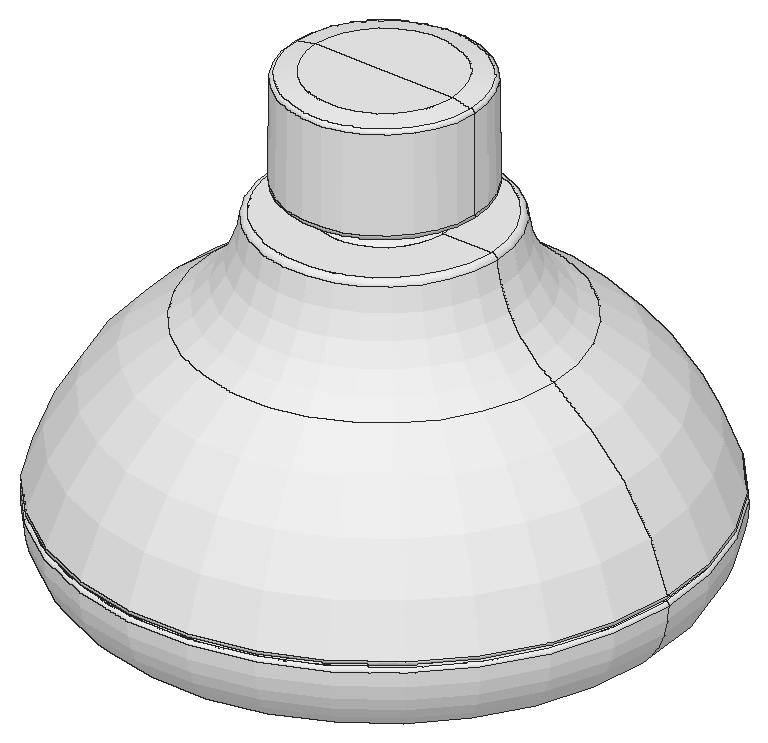
Revit family "Shower_Head-GROHE-New_Tempesta_100-26044_Series", category Plumbing Fixtures, Revit 2014
Parameters (values of type "26044000")
  cUPC Compliant = yes
  Width = 3 15/16"
  Waste Connection = no
  Warranty Documentation Link = "https://cdn.cloud.grohe.com/tpi/1000/1900/1940/1949/1949006/original/1949006.pdf"
  WFU = 4
  Vent Connection = no
  URL = "https://www.grohe.us/"
  Type Comments = "*DISCONTINUED*"
  Tempered Water Connection Radius = 1/4"  # constant formula
  Tempered Water Connection Diameter = Tempered Water Connection Radius * 2  # 1/2"
  Product Page URL = "https://www.grohe.com/ca-en/6452/showers/hand-showers-shower-sets/tempesta/product-details/?product=26044-G254&color=000&material=26044000"
  Price = "Prices may vary. Please consult Manufacturer Representative for most up-to-date price list."  # constant formula
  Model = "26044000"
  Material = "Metal-Grohe-000-Chrome"
  Manufacturer = "GROHE"
  Hot Water Connection Radius = Tempered Water Connection Radius  # 1/4"
  Hot Water Connection Diameter = Hot Water Connection Radius * 2  # 1/2"
  Height = 3 3/8"  # constant formula
  HWFU = 3
  HW Connection = yes
  Flow Rate = "2.0GPM (7.6L/min)"
  Finish = Metal-Grohe-000-Chrome
  Description = "New Tempesta 100"
  Default Elevation = 0"
  Creation Date = "2017/04/20"  # constant formula
  Cold Water Connection Radius = Hot Water Connection Radius  # 1/4"
  Cold Water Connection Diameter = Cold Water Connection Radius * 2  # 1/2"
  CWFU = 3
  CW Connection = yes
  Assembly Code = "D2010700"
Types (3): name | Type Comments | Product Page URL | Model | Material | Finish
  (no name) | "*DISCONTINUED*" | "https://www.grohe.com/ca-en/6452/showers/hand-showers-shower-sets/tempesta/product-details/?product=26044-G254&color=000&material=26044000" | "26044000" | "Metal-Grohe-000-Chrome" | Metal-Grohe-000-Chrome
  26044000 | "*DISCONTINUED*" | "https://www.grohe.com/ca-en/6452/showers/hand-showers-shower-sets/tempesta/product-details/?product=26044-G254&color=000&material=26044000" | "26044000" | "Metal-Grohe-000-Chrome" | Metal-Grohe-000-Chrome
  26044EN0 | 0" | "https://www.grohe.us/en_us/new-tempesta-100-shower-head-4-sprays-26044EN0.html" | "26044EN0" | "Metal-Grohe-EN0-Brushed Nickel" | Metal-Grohe-EN0-Brushed Nickel
Reference planes (in)
  plane 1 "Center (Front/Back)": y = 0
  plane 2: z = 0
  plane 3 "Center (Left/Right)": x = 0
  plane 4: x = 1.96875
  plane 5: x = -1.96875
  plane 6: z = -3.375
Forms (in)
  Revolve 1, solid, material "Metal-Grohe-000-Chrome" <- "Finish"
    sketch origin (0, 0, 0) x (1, 0, 0) y (0, 0, 1)
      loop
        arc (-0.62972, -0.67133) -> (-0.6206, -0.69385) -> (-0.59818, -0.70321) r 0.03154
        line (-0.59818, -0.70321) -> (-0.41069, -0.70321)
        arc (-0.41069, -0.70321) -> (-0.3778, -0.71684) -> (-0.36417, -0.74972) r 0.04651
        line (-0.36417, -0.74972) -> (-0.36417, -0.82262) -> (-0.40709, -0.86554) -> (-0.74056, -0.86554)
        arc (-0.74056, -0.86554) -> (-0.76778, -0.87599) -> (-0.78101, -0.90198) r 0.04067
        arc (-0.78101, -0.90198) -> (-0.90437, -1.25896) -> (-1.17265, -1.52482) r 0.83338
        arc (-1.17265, -1.52482) -> (-1.66508, -1.97021) -> (-1.96552, -2.56232) r 1.8244
        arc (-1.96552, -2.56232) -> (-1.96259, -2.5786) -> (-1.94781, -2.58601) r 0.01846
        line (-1.94781, -2.58601) -> (-1.87857, -2.58601)
        arc (-1.87857, -2.58601) -> (-1.8921, -2.60018) -> (-1.91089, -2.60569) r 0.03785
        line (-1.91089, -2.60569) -> (-1.94601, -2.60569)
        arc (-1.94601, -2.60569) -> (-1.96222, -2.61224) -> (-1.96934, -2.62821) r 0.02334
        arc (-1.96934, -2.62821) -> (-1.92553, -2.85715) -> (-1.78678, -3.04445) r 0.52409
        line (-1.78678, -3.04445) -> (-1.74698, -3.04445)
        arc (-1.74698, -3.04445) -> (-1.09286, -3.20346) -> (-0.42508, -3.28845) r 6.02086
        arc (-0.42508, -3.28845) -> (-0.37308, -3.33631) -> (-0.30969, -3.36754) r 0.24765
        arc (-0.30969, -3.36754) -> (-0.28646, -3.37312) -> (-0.26264, -3.375) r 0.15209
        line (-0.26264, -3.375) -> (0, -3.375) -> (0, 0) -> (-0.47124, 0) -> (-0.6012, -0.02292)
        arc (-0.6012, -0.02292) -> (-0.61677, -0.03185) -> (-0.62305, -0.04867) r 0.02644
        line (-0.62305, -0.04867) -> (-0.62972, -0.67133)
      axis (0, 0) -> (0, -3.375)
    angle from 0 to 360
Lines and regions (in)
  Masking region 1
    outline origin (0, 0, 0) x (1, 0, 0) y (0, 1, 0)
      loop
        circle (0, 0) r 1.97255
  symbolic lines, detail levels medium+fine
    curve 1: circle (0, 0, 0) r 0.47124 normal (0, 0, 1)
  symbolic lines, detail levels fine
    curve 2: circle (0, 0, 0) r 0.36417 normal (0, 0, 1)
Dimensions and locks (in)
  equal spacing: plane 5, plane 3 "Center (Left/Right)", plane 4
  "Width": plane 4 to plane 5
  "Height": level to plane 6
  aligned and locked: Revolve 1 sketch curve to plane 3 "Center (Left/Right)"
Automatic sketch dimensions
  Revolve 1 sketch curve to level = 0"
  Revolve 1 sketch curve to plane 6 = 0"
  Revolve 1 sketch curve to plane 3 "Center (Left/Right)" = 0"  (x2)
  Revolve 1 sketch curve to plane 3 "Center (Left/Right)" = 0.21551"
  Revolve 1 sketch curve to Revolve 1 sketch curve = 0.01756"
  Revolve 1 sketch curve to Revolve 1 sketch curve = 0.02957"
  Revolve 1 sketch curve to plane 3 "Center (Left/Right)" = 0.36417"
  Revolve 1 sketch curve to Revolve 1 sketch curve = 0.04291"  (x2)
  Revolve 1 sketch curve to Revolve 1 sketch curve = 0.04651"
  Revolve 1 sketch curve to Revolve 1 sketch curve = 0.47124"
  Revolve 1 sketch curve to level = 0.04895"
  Revolve 1 sketch curve to Revolve 1 sketch curve = 0.12537"
  Revolve 1 sketch curve to Revolve 1 sketch curve = 3/16"
  Revolve 1 sketch curve to level = 0.02292"
  Revolve 1 sketch curve to Revolve 1 sketch curve = 0.00459"
  Revolve 1 sketch curve to level = 0.04867"
  Revolve 1 sketch curve to Revolve 1 sketch curve = 0.03154"  (x2)
  Revolve 1 sketch curve to Revolve 1 sketch curve = 0.14238"
  Revolve 1 sketch curve to plane 5 = 0.52318"
  Revolve 1 sketch curve to plane 5 = 0.35888"
  Revolve 1 sketch curve to plane 5 = 0.22177"
  Revolve 1 sketch curve to Revolve 1 sketch curve = 0.0398"
  Revolve 1 sketch curve to plane 5 = 0.09018"
  Revolve 1 sketch curve to Revolve 1 sketch curve = 0.03232"
  Revolve 1 sketch curve to Revolve 1 sketch curve = 0.00089"
  Revolve 1 sketch curve to plane 5 = 0.02274"
  Revolve 1 sketch curve to Revolve 1 sketch curve = 0.0018"
  Revolve 1 sketch curve to Revolve 1 sketch curve = 0.15209"
  Revolve 1 sketch curve to Revolve 1 sketch curve = 0.09088"
  Revolve 1 sketch curve to Revolve 1 sketch curve = 0.05406"
  plane 6 to Revolve 1 sketch curve = 0.33055"
  Revolve 1 sketch curve to Revolve 1 sketch curve = 0.3978"
  Revolve 1 sketch curve to Revolve 1 sketch curve = 0.41542"
  Revolve 1 sketch curve to Revolve 1 sketch curve = 0.02334"
  Revolve 1 sketch curve to Revolve 1 sketch curve = 0.01969"
  Revolve 1 sketch curve to Revolve 1 sketch curve = 0.01846"
  Revolve 1 sketch curve to Revolve 1 sketch curve = 0.85754"
  Revolve 1 sketch curve to Revolve 1 sketch curve = 0.04067"
  Revolve 1 sketch curve to level = 0.81534"
  Revolve 1 sketch curve to Revolve 1 sketch curve = 0.0729"
  Revolve 1 sketch curve to Revolve 1 sketch curve = 2.71738"
  Revolve 1 sketch curve to Revolve 1 sketch curve = 0"  (x3)
  Revolve 1 sketch curve to Revolve 1 sketch curve = 1.05336"
  Revolve 1 sketch curve to Revolve 1 sketch curve = 1/4"
  plane 1 "Center (Front/Back)" to Masking region 1 sketch curve = 0"
  Masking region 1 sketch curve to plane 3 "Center (Left/Right)" = 0"
  curve 1 to curve 2 = 0"  (x2)
  plane 1 "Center (Front/Back)" to curve 2 = 0"
  curve 2 to plane 3 "Center (Left/Right)" = 0"
  radius of Masking region 1 sketch curve = 1.97255"
  radius of curve 1 = 0.47124"
  radius of curve 2 = 0.36417"
Connectors (in)
  piping at (0, 0, 0), diameter 0.5, driven by "Tempered Water Connection Diameter"
    settings: on Revolve 1, index 1, connector inside diameter 24", connector length 0", flow factor 0, pipe flow 0 GPM, pressure drop 0.00 psi, fitting loss kfactor 0, connector angle 0.00°, fixture units 0, engagement length 0", angle of deflection 0.00°, flow configuration 0, flow direction 1, fitting loss method 0, system type 29, joint type 0, gender type 0, connector reference index -1, connector utility 0, adjustable connector no, is connector primary yes, connector description "1/2\" NPT Supply Inlet"
